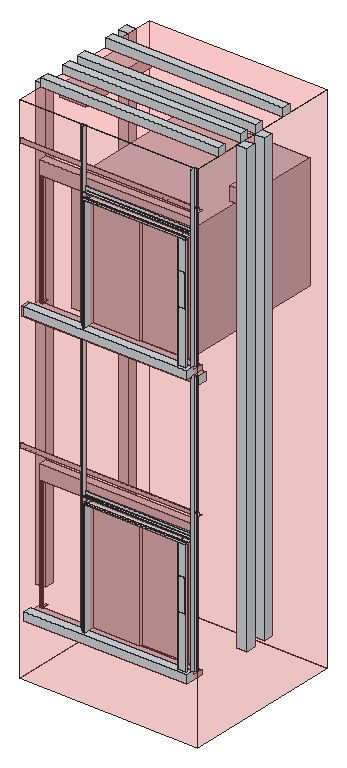
Revit family "TSF1500", category 一般モデル, Revit 2018
Family settings
  鉄筋をホスト可能 = いいえ
  丸型コネクタ寸法 = 直径を使用
  パーツ タイプ = 標準
  作業面ベース = いいえ
  常に垂直 = はい
  ロード時にボイドで切り取り = いいえ
  共有 = いいえ
  部屋計算ポイント = いいえ
Parameters
  昇降行程 = 5000 mm
Reference planes
  plane 1 "レール芯": y = 0
  plane 2 "最下階FL": z = 0
  plane 3 "かご芯": x = 0
  plane 4: z = 5000
  plane 5 "ピット底面": z = -1250
  plane 6: z = 8250
  plane 7: z = 2540
Forms (mm)
  Extrusion 1, solid
    sketch origin (-115, 140, 0) x (1, 0, 0) y (0, 1, 0)
      loop
        line (-1765, 1635) -> (-1765, -1335) -> (1485, -1335) -> (1485, 1635) -> (-1765, 1635)
    from -1250 to 8250
  Extrusion 2, solid
    sketch origin (-188.849, -187.656, 5000) x (1, 0, 0) y (0, 1, 0)
      loop
        line (-941.151, 1867.656) -> (-941.151, -767.344) -> (1318.849, -767.344) -> (1318.849, 1867.656) -> (-941.151, 1867.656)
    from 0 to 2100
  Extrusion 3, solid
    sketch origin (-435.1, 4, 0) x (1, 0, 0) y (0, 1, 0)
      loop
        line (-1189.384, 890.997) -> (-1189.384, 260.997) -> (-753.884, 260.997) -> (-753.884, 890.997) -> (-1189.384, 890.997)
    from -1250 to -252.5
  Extrusion 4, solid
    sketch origin (-180.164, -13.256, 0) x (1, 0, 0) y (0, 1, 0)
      loop
        line (1550.164, 300.756) -> (1550.164, 125.756) -> (1725.164, 125.756) -> (1725.164, 300.756) -> (1550.164, 300.756)
    from 0 to 8250
  Extrusion 5, solid
    sketch origin (-180.164, -413.256, 0) x (1, 0, 0) y (0, 1, 0)
      loop
        line (1550.164, 300.756) -> (1550.164, 125.756) -> (1725.164, 125.756) -> (1725.164, 300.756) -> (1550.164, 300.756)
    from 0 to 8250
  Extrusion 6, solid
    sketch origin (593.997, 963.69, 0) x (1, 0, 0) y (0, 1, 0)
      loop
        line (-2648.997, 493.81) -> (-2648.997, 318.81) -> (-2473.997, 318.81) -> (-2473.997, 493.81) -> (-2648.997, 493.81)
    from 0 to 8250
  Extrusion 7, solid
    sketch origin (593.997, -936.31, 0) x (1, 0, 0) y (0, 1, 0)
      loop
        line (-2648.997, 493.81) -> (-2648.997, 318.81) -> (-2473.997, 318.81) -> (-2473.997, 493.81) -> (-2648.997, 493.81)
    from 0 to 8250
  Extrusion 8, solid
    sketch origin (388.648, -559, 7950) x (1, 0, 0) y (0, 1, 0)
      loop
        line (-2211.148, 1758) -> (-2211.148, 200) -> (-1738.648, 200) -> (-1738.648, 1758) -> (-2211.148, 1758)
    from 0 to 200
  Extrusion 9, solid
    sketch origin (-239.764, 1365.017, 7235) x (1, 0, 0) y (0, 1, 0)
      loop
        line (1413.764, -985.017) -> (1413.764, -1575.017) -> (1593.764, -1575.017) -> (1593.764, -985.017) -> (1413.764, -985.017)
    from 0 to 250
  Extrusion 10, solid
    sketch origin (0, -154.792, -183.066) x (0, 1, 0) y (0, 0, 1)
      loop
        line (279.792, 8583.066) -> (279.792, 8433.066) -> (429.792, 8433.066) -> (429.792, 8583.066) -> (279.792, 8583.066)
    from -1880 to 1370
  Extrusion 11, solid
    sketch origin (0, -494.792, -183.066) x (0, 1, 0) y (0, 0, 1)
      loop
        line (279.792, 8583.066) -> (279.792, 8433.066) -> (429.792, 8433.066) -> (429.792, 8583.066) -> (279.792, 8583.066)
    from -1880 to 1370
  Extrusion 12, solid
    sketch origin (0, -994.792, -183.066) x (0, 1, 0) y (0, 0, 1)
      loop
        line (279.792, 8583.066) -> (279.792, 8433.066) -> (429.792, 8433.066) -> (429.792, 8583.066) -> (279.792, 8583.066)
    from -1880 to 1370
  Extrusion 13, solid
    sketch origin (0, 485.208, -183.066) x (0, 1, 0) y (0, 0, 1)
      loop
        line (279.792, 8583.066) -> (279.792, 8433.066) -> (429.792, 8433.066) -> (429.792, 8583.066) -> (279.792, 8583.066)
    from -1880 to 1370
  Extrusion 14, solid
    sketch origin (0, -337.235, 116.596) x (0, 1, 0) y (0, 0, 1)
      loop
        line (-827.765, 4733.404) -> (-827.765, 4583.404) -> (-677.765, 4583.404) -> (-677.765, 4733.404) -> (-827.765, 4733.404)
    from -1880 to 1370
  Extrusion 15, solid
    sketch origin (27.352, -14.415, 0) x (1, 0, 0) y (0, 1, 0)
      loop
        arc (-734.852, -1180.585) -> (-728.842, -1183.075) -> (-726.352, -1189.085) r 8.5
        line (-726.352, -1189.085) -> (-726.352, -1240.585)
        arc (-726.352, -1240.585) -> (-724.595, -1244.828) -> (-720.352, -1246.585) r 6
        line (-720.352, -1246.585) -> (-717.352, -1246.585) -> (-717.352, -1171.585) -> (-792.352, -1171.585) -> (-792.352, -1174.585)
        arc (-792.352, -1174.585) -> (-790.595, -1178.828) -> (-786.352, -1180.585) r 6
        line (-786.352, -1180.585) -> (-734.852, -1180.585)
    from 0 to 4850
  Extrusion 16, solid
    sketch origin (572.648, -14.415, 5000) x (-1, 0, 0) y (0, -1, 0)
      loop
        arc (-786.352, 1180.585) -> (-790.595, 1178.828) -> (-792.352, 1174.585) r 6
        line (-792.352, 1174.585) -> (-792.352, 1171.585) -> (-717.352, 1171.585) -> (-717.352, 1246.585) -> (-720.352, 1246.585)
        arc (-720.352, 1246.585) -> (-724.595, 1244.828) -> (-726.352, 1240.585) r 6
        line (-726.352, 1240.585) -> (-726.352, 1189.085)
        arc (-726.352, 1189.085) -> (-728.842, 1183.075) -> (-734.852, 1180.585) r 8.5
        line (-734.852, 1180.585) -> (-786.352, 1180.585)
    from 0 to 3250
  Extrusion 17, solid
    sketch origin (27.352, -14.415, 5000) x (1, 0, 0) y (0, 1, 0)
      loop
        arc (-734.852, -1180.585) -> (-728.842, -1183.075) -> (-726.352, -1189.085) r 8.5
        line (-726.352, -1189.085) -> (-726.352, -1240.585)
        arc (-726.352, -1240.585) -> (-724.595, -1244.828) -> (-720.352, -1246.585) r 6
        line (-720.352, -1246.585) -> (-717.352, -1246.585) -> (-717.352, -1171.585) -> (-792.352, -1171.585) -> (-792.352, -1174.585)
        arc (-792.352, -1174.585) -> (-790.595, -1178.828) -> (-786.352, -1180.585) r 6
        line (-786.352, -1180.585) -> (-734.852, -1180.585)
    from 0 to 3250
  Extrusion 18, solid
    sketch origin (0, -3361.272, 935.614) x (0, 0, -1) y (0, 1, 0)
      loop
        arc (-1319.386, 2172.272) -> (-1317.628, 2168.029) -> (-1313.386, 2166.272) r 6
        line (-1313.386, 2166.272) -> (-1261.886, 2166.272)
        arc (-1261.886, 2166.272) -> (-1255.875, 2163.782) -> (-1253.386, 2157.772) r 8.5
        line (-1253.386, 2157.772) -> (-1253.386, 2106.272)
        arc (-1253.386, 2106.272) -> (-1251.628, 2102.029) -> (-1247.386, 2100.272) r 6
        line (-1247.386, 2100.272) -> (-1244.386, 2100.272) -> (-1244.386, 2175.272) -> (-1319.386, 2175.272) -> (-1319.386, 2172.272)
    from -690 to 1290
  Extrusion 19, solid
    sketch origin (0, -3361.272, 5935.614) x (0, 0, -1) y (0, 1, 0)
      loop
        line (-1244.386, 2100.272) -> (-1244.386, 2175.272) -> (-1319.386, 2175.272) -> (-1319.386, 2172.272)
        arc (-1319.386, 2172.272) -> (-1317.628, 2168.029) -> (-1313.386, 2166.272) r 6
        line (-1313.386, 2166.272) -> (-1261.886, 2166.272)
        arc (-1261.886, 2166.272) -> (-1255.875, 2163.782) -> (-1253.386, 2157.772) r 8.5
        line (-1253.386, 2157.772) -> (-1253.386, 2106.272)
        arc (-1253.386, 2106.272) -> (-1251.628, 2102.029) -> (-1247.386, 2100.272) r 6
        line (-1247.386, 2100.272) -> (-1244.386, 2100.272)
    from -690 to 1290
  Extrusion 20, solid
    sketch origin (0, 983.272, 6295.614) x (0, 0, -1) y (0, 1, 0)
      loop
        line (-1244.386, -2094.272) -> (-1247.386, -2094.272)
        arc (-1247.386, -2094.272) -> (-1251.628, -2096.029) -> (-1253.386, -2100.272) r 6
        line (-1253.386, -2100.272) -> (-1253.386, -2151.772)
        arc (-1253.386, -2151.772) -> (-1255.875, -2157.782) -> (-1261.886, -2160.272) r 8.5
        line (-1261.886, -2160.272) -> (-1313.386, -2160.272)
        arc (-1313.386, -2160.272) -> (-1317.628, -2162.029) -> (-1319.386, -2166.272) r 6
        line (-1319.386, -2166.272) -> (-1319.386, -2169.272) -> (-1244.386, -2169.272) -> (-1244.386, -2094.272)
    from -1880 to 1370
  Extrusion 21, solid
    sketch origin (572.648, -14.415, 0) x (-1, 0, 0) y (0, -1, 0)
      loop
        line (-734.852, 1180.585) -> (-786.352, 1180.585)
        arc (-786.352, 1180.585) -> (-790.595, 1178.828) -> (-792.352, 1174.585) r 6
        line (-792.352, 1174.585) -> (-792.352, 1171.585) -> (-717.352, 1171.585) -> (-717.352, 1246.585) -> (-720.352, 1246.585)
        arc (-720.352, 1246.585) -> (-724.595, 1244.828) -> (-726.352, 1240.585) r 6
        line (-726.352, 1240.585) -> (-726.352, 1189.085)
        arc (-726.352, 1189.085) -> (-728.842, 1183.075) -> (-734.852, 1180.585) r 8.5
    from 0 to 4850
  Extrusion 22, solid
    sketch origin (0, 0, 0) x (0, 1, 0) y (0, 0, 1)
      loop
        line (-1177, 2557.5) -> (-1177, 2609)
        arc (-1177, 2609) -> (-1178.757, 2613.243) -> (-1183, 2615) r 6
        line (-1183, 2615) -> (-1186, 2615) -> (-1186, 2540) -> (-1111, 2540) -> (-1111, 2543)
        arc (-1111, 2543) -> (-1112.757, 2547.243) -> (-1117, 2549) r 6
        line (-1117, 2549) -> (-1168.5, 2549)
        arc (-1168.5, 2549) -> (-1174.51, 2551.49) -> (-1177, 2557.5) r 8.5
    from -1880 to 1370
Dimensions and locks
  "昇降行程": plane 4 to plane 2 "最下階FL"
  locked: plane 6 to plane 4 at 3250
  locked: Extrusion 2 to plane 4 at 2100
  locked: plane 6 to Extrusion 8 at 100
  locked: Extrusion 8 to Extrusion 8 at 200
  locked: Extrusion 2 to Extrusion 9 at 135
  locked: Extrusion 9 to Extrusion 9 at 250
  locked: plane 4 to Extrusion 21 at 150
  locked: Extrusion 18 to plane 2 "最下階FL" at 2180
  locked: Extrusion 19 to plane 4 at 2180
  locked: Extrusion 19 to Extrusion 20 at 360
  aligned and locked: level to plane 2 "最下階FL"
  aligned and locked: Extrusion 1 to plane 5 "ピット底面"
  aligned and locked: Extrusion 2 to plane 4
  aligned and locked: Extrusion 1 to Extrusion 3
  aligned and locked: Extrusion 5 to plane 2 "最下階FL"
  aligned and locked: Extrusion 4 to plane 2 "最下階FL"
  aligned and locked: Extrusion 1 to Extrusion 5
  aligned and locked: Extrusion 1 to Extrusion 4
  aligned and locked: Extrusion 6 to Extrusion 1
  aligned and locked: Extrusion 7 to Extrusion 1
  aligned and locked: Extrusion 4 to Extrusion 1
  aligned and locked: Extrusion 5 to Extrusion 1
  aligned and locked: Extrusion 6 to plane 2 "最下階FL"
  aligned and locked: Extrusion 7 to plane 2 "最下階FL"
  aligned and locked: Extrusion 1 to Extrusion 6
  aligned and locked: Extrusion 1 to Extrusion 7
  aligned and locked: plane 2 "最下階FL" to nested 1
  aligned and locked: plane 4 to nested 2
  aligned and locked: nested 1 to nested 2
  aligned and locked: Extrusion 10 to Extrusion 1
  aligned and locked: Extrusion 1 to Extrusion 10  (x2)
  aligned and locked: Extrusion 1 to Extrusion 12  (x2)
  aligned and locked: Extrusion 1 to Extrusion 13  (x2)
  aligned and locked: Extrusion 12 to Extrusion 1
  aligned and locked: Extrusion 11 to Extrusion 1
  aligned and locked: Extrusion 13 to Extrusion 1
  aligned and locked: Extrusion 1 to Extrusion 14  (x2)
  aligned and locked: Extrusion 1 to Extrusion 11  (x2)
  aligned and locked: Extrusion 16 to Extrusion 17
  aligned and locked: Extrusion 17 to plane 4
  aligned and locked: Extrusion 16 to plane 4
  aligned and locked: plane 6 to Extrusion 1
  aligned and locked: plane 6 to Extrusion 16
  aligned and locked: plane 6 to Extrusion 17
  aligned and locked: Extrusion 21 to Extrusion 15
Automatic sketch dimensions
  Extrusion 1 sketch curve to plane 3 "かご芯" = 1880 mm
  plane 3 "かご芯" to Extrusion 1 sketch curve = 1370 mm
  plane 1 "レール芯" to Extrusion 1 sketch curve = 1195 mm
  Extrusion 1 sketch curve to plane 1 "レール芯" = 1775 mm
  Extrusion 2 sketch curve to plane 3 "かご芯" = 1130 mm
  plane 3 "かご芯" to Extrusion 2 sketch curve = 1130 mm
  plane 1 "レール芯" to Extrusion 2 sketch curve = 955 mm
  Extrusion 2 sketch curve to plane 1 "レール芯" = 1680 mm
  Extrusion 3 sketch curve to plane 1 "レール芯" = 264.997 mm
  Extrusion 3 sketch curve to plane 3 "かご芯" = 1624.484 mm
  Extrusion 3 sketch curve to Extrusion 3 sketch curve = 435.5 mm
  Extrusion 3 sketch curve to Extrusion 3 sketch curve = 630 mm
  Extrusion 4 sketch curve to plane 1 "レール芯" = 112.5 mm
  plane 3 "かご芯" to Extrusion 4 sketch curve = 1370 mm
  Extrusion 4 sketch curve to Extrusion 4 sketch curve = 175 mm  (x2)
  plane 1 "レール芯" to Extrusion 5 sketch curve = 287.5 mm
  plane 3 "かご芯" to Extrusion 5 sketch curve = 1370 mm
  Extrusion 5 sketch curve to Extrusion 5 sketch curve = 175 mm
  plane 1 "レール芯" to Extrusion 5 sketch curve = 112.5 mm
  Extrusion 6 sketch curve to plane 3 "かご芯" = 2055 mm
  Extrusion 6 sketch curve to Extrusion 6 sketch curve = 175 mm  (x2)
  Extrusion 6 sketch curve to plane 1 "レール芯" = 1282.5 mm
  plane 1 "レール芯" to Extrusion 7 sketch curve = 617.5 mm
  Extrusion 7 sketch curve to plane 3 "かご芯" = 2055 mm
  Extrusion 7 sketch curve to Extrusion 7 sketch curve = 175 mm  (x2)
  plane 1 "レール芯" to Extrusion 8 sketch curve = 359 mm
  Extrusion 8 sketch curve to plane 3 "かご芯" = 1822.5 mm
  Extrusion 8 sketch curve to Extrusion 8 sketch curve = 472.5 mm
  Extrusion 8 sketch curve to plane 1 "レール芯" = 1199 mm
  plane 1 "レール芯" to Extrusion 9 sketch curve = 210 mm
  plane 3 "かご芯" to Extrusion 9 sketch curve = 1174 mm
  Extrusion 9 sketch curve to Extrusion 9 sketch curve = 180 mm
  Extrusion 9 sketch curve to plane 1 "レール芯" = 380 mm
  Extrusion 10 sketch curve to plane 6 = 0 mm
  Extrusion 10 sketch curve to plane 1 "レール芯" = 125 mm
  Extrusion 10 sketch curve to Extrusion 10 sketch curve = 150 mm  (x2)
  Extrusion 11 sketch curve to plane 6 = 0 mm
  plane 1 "レール芯" to Extrusion 11 sketch curve = 215 mm
  plane 1 "レール芯" to Extrusion 11 sketch curve = 65 mm
  Extrusion 11 sketch curve to Extrusion 11 sketch curve = 150 mm
  Extrusion 12 sketch curve to plane 6 = 0 mm
  plane 1 "レール芯" to Extrusion 12 sketch curve = 715 mm
  Extrusion 12 sketch curve to Extrusion 12 sketch curve = 150 mm  (x2)
  Extrusion 13 sketch curve to plane 6 = 0 mm
  Extrusion 13 sketch curve to plane 1 "レール芯" = 765 mm
  Extrusion 13 sketch curve to Extrusion 13 sketch curve = 150 mm  (x2)
  Extrusion 14 sketch curve to plane 4 = 300 mm
  plane 1 "レール芯" to Extrusion 14 sketch curve = 1165 mm
  Extrusion 14 sketch curve to Extrusion 14 sketch curve = 150 mm  (x2)
  Extrusion 16 sketch curve to plane 3 "かご芯" = 1365 mm
  Extrusion 16 sketch curve to Extrusion 16 sketch curve = 6 mm  (x2)
  Extrusion 16 sketch curve to Extrusion 16 sketch curve = 51.5 mm  (x2)
  Extrusion 16 sketch curve to Extrusion 16 sketch curve = 8.5 mm
  Extrusion 16 sketch curve to Extrusion 16 sketch curve = 3 mm  (x2)
  Extrusion 16 sketch curve to plane 1 "レール芯" = 1261 mm
  Extrusion 21 sketch curve to plane 3 "かご芯" = 1365 mm
  Extrusion 21 sketch curve to Extrusion 21 sketch curve = 6 mm  (x2)
  Extrusion 21 sketch curve to Extrusion 21 sketch curve = 51.5 mm  (x2)
  Extrusion 21 sketch curve to Extrusion 21 sketch curve = 8.5 mm
  Extrusion 21 sketch curve to Extrusion 21 sketch curve = 9 mm
  Extrusion 21 sketch curve to plane 1 "レール芯" = 1261 mm
  Extrusion 21 sketch curve to Extrusion 21 sketch curve = 3 mm
  Extrusion 17 sketch curve to plane 3 "かご芯" = 765 mm
  Extrusion 17 sketch curve to Extrusion 17 sketch curve = 6 mm  (x2)
  Extrusion 17 sketch curve to Extrusion 17 sketch curve = 51.5 mm  (x2)
  Extrusion 17 sketch curve to Extrusion 17 sketch curve = 8.5 mm
  Extrusion 17 sketch curve to Extrusion 17 sketch curve = 9 mm
  plane 1 "レール芯" to Extrusion 17 sketch curve = 1261 mm
  Extrusion 17 sketch curve to Extrusion 17 sketch curve = 3 mm
  Extrusion 15 sketch curve to plane 3 "かご芯" = 765 mm
  Extrusion 15 sketch curve to Extrusion 15 sketch curve = 6 mm  (x2)
  Extrusion 15 sketch curve to Extrusion 15 sketch curve = 51.5 mm  (x2)
  Extrusion 15 sketch curve to Extrusion 15 sketch curve = 8.5 mm
  Extrusion 15 sketch curve to Extrusion 15 sketch curve = 9 mm
  plane 1 "レール芯" to Extrusion 15 sketch curve = 1261 mm
  Extrusion 15 sketch curve to Extrusion 15 sketch curve = 17.5 mm
  Extrusion 18 sketch curve to Extrusion 18 sketch curve = 6 mm  (x2)
  Extrusion 18 sketch curve to Extrusion 18 sketch curve = 51.5 mm  (x2)
  Extrusion 18 sketch curve to Extrusion 18 sketch curve = 8.5 mm
  Extrusion 18 sketch curve to Extrusion 18 sketch curve = 9 mm
  plane 1 "レール芯" to Extrusion 18 sketch curve = 1261 mm
  Extrusion 18 sketch curve to Extrusion 18 sketch curve = 3 mm
  Extrusion 19 sketch curve to plane 6 = 995 mm
  Extrusion 19 sketch curve to Extrusion 19 sketch curve = 6 mm  (x2)
  Extrusion 19 sketch curve to Extrusion 19 sketch curve = 51.5 mm  (x2)
  Extrusion 19 sketch curve to Extrusion 19 sketch curve = 8.5 mm
  Extrusion 19 sketch curve to Extrusion 19 sketch curve = 9 mm
  plane 1 "レール芯" to Extrusion 19 sketch curve = 1261 mm
  Extrusion 19 sketch curve to Extrusion 19 sketch curve = 17.5 mm
  plane 6 to Extrusion 20 sketch curve = 635 mm
  Extrusion 20 sketch curve to Extrusion 20 sketch curve = 6 mm  (x2)
  Extrusion 20 sketch curve to Extrusion 20 sketch curve = 51.5 mm  (x2)
  Extrusion 20 sketch curve to Extrusion 20 sketch curve = 8.5 mm
  Extrusion 20 sketch curve to Extrusion 20 sketch curve = 9 mm
  Extrusion 20 sketch curve to plane 1 "レール芯" = 1111 mm
  Extrusion 20 sketch curve to Extrusion 20 sketch curve = 17.5 mm
  level to Extrusion 18 sketch curve = 2255 mm
  Extrusion 22 sketch curve to plane 7 = 0 mm
  plane 1 "レール芯" to Extrusion 22 sketch curve = 1186 mm
  Extrusion 22 sketch curve to Extrusion 22 sketch curve = 3 mm
  Extrusion 22 sketch curve to Extrusion 22 sketch curve = 6 mm  (x2)
  Extrusion 22 sketch curve to Extrusion 22 sketch curve = 8.5 mm
  plane 7 to Extrusion 22 sketch curve = 3 mm
  Extrusion 22 sketch curve to Extrusion 22 sketch curve = 51.5 mm  (x2)
Nested families
  nested 1: "2S" at (100, -985, 0), type "2S(詳細レベル)"
    with 戸袋 965 mm, 出入口幅 1700 mm
  nested 2: "2S" at (100, -985, 5000), type "2S(詳細レベル)"
    with 戸袋 965 mm, 出入口幅 1700 mm
Definition of nested family "2S"
  Parameters (values of type "2S(詳細レベル)")
    戸袋 = 635 mm
    出入口高さ = 2100 mm
    出入口幅 = 1100 mm
  Types (2, lengths in mm): name | 戸袋 | 出入口幅
    2S(詳細レベル) | 635 | 1100
    2S 背面(詳細レベル) | 785 | 1700
  Reference planes
    plane 1 "敷居先端": y = 0
    plane 2 "FL": z = 0
    plane 3: x = 140
    plane 4 "出入口中心": x = 140
    plane 5 "出入口高さ": z = 2100
    plane 6: z = 2320
    plane 7: y = -145.5
    plane 8 "出入口幅右": x = 690
    plane 9 "出入口幅左": x = -410
    plane 10 "戸袋": x = -1045
    plane 11: x = 810
    plane 12: y = -76.6
    plane 13: z = 2173
    plane 14: z = -60
    plane 15: z = -150
    plane 16: x = 710
    plane 17: x = -490
    plane 18: x = 890
  Forms (mm)
    Extrusion 1, solid
      sketch origin (140, 0, 0) x (0, 1, 0) y (0, 0, 1)
        loop
          line (-102, 2116) -> (-134, 2116) -> (-134, 6) -> (-102, 6) -> (-102, 2116)
      from -570 to 15
    Extrusion 2, solid
      sketch origin (705, 38, 0) x (0, 1, 0) y (0, 0, 1)
        loop
          line (-102, 2116) -> (-134, 2116) -> (-134, 6) -> (-102, 6) -> (-102, 2116)
      from -580 to 5
    Extrusion 3, solid
      sketch origin (140, 0, -16) x (0, 1, 0) y (0, 0, 1)
        loop
          line (-145.5, 2366) -> (-145.5, 2116) -> (0, 2116) -> (0, 2366) -> (-145.5, 2366)
      from -1185 to 670
    Extrusion 4, solid
      sketch origin (0, 0, 130) x (1, 0, 0) y (0, 1, 0)
        loop
          circle (810, -76.6) r 35
      from 0 to 1800
    Extrusion 5, solid
      sketch origin (0, 0, 0) x (1, 0, 0) y (0, 1, 0)
        loop
          line (-440, -140) -> (-440, -141.6) -> (-411.6, -141.6) -> (-411.6, -318.4) -> (-438.4, -318.4) -> (-438.4, -290) -> (-440, -290) -> (-440, -320) -> (-410, -320) -> (-410, -140) -> (-440, -140)
      from 0 to 2100
    Extrusion 6, solid
      sketch origin (0, 0, 0) x (1, 0, 0) y (0, 1, 0)
        loop
          line (770, -30) -> (770, 0) -> (720, 0) -> (720, -102) -> (690, -102) -> (690, -320) -> (840, -320) -> (840, -290) -> (838.4, -290) -> (838.4, -318.4) -> (691.6, -318.4) -> (691.6, -103.6) -> (721.6, -103.6) -> (721.6, -1.6) -> (768.4, -1.6) -> (768.4, -30) -> (770, -30)
      from 0 to 2100
    Extrusion 7, solid
      sketch origin (140, 0, 0) x (0, 1, 0) y (0, 0, 1)
        loop
          line (-295, 2130) -> (-325, 2130) -> (-325, 2100) -> (-140, 2100) -> (-140, 2101.6) -> (-323.4, 2101.6) -> (-323.4, 2128.4) -> (-295, 2128.4) -> (-295, 2130)
      from -580 to 700
    Extrusion 8, solid
      sketch origin (140, 0, 1400) x (0, 1, 0) y (0, 0, 1)
        loop
          line (-64, -1394) -> (-0.972, -1394) -> (-0.972, 586) -> (-64, 586) -> (-64, -1394)
      from 545 to 570
    Extrusion 9, solid
      sketch origin (0, 0, 0) x (1, 0, 0) y (0, 1, 0)
        loop
          arc (-1032.5, -132.5) -> (-1037.096, -130.596) -> (-1039, -126) r 6.5
          line (-1039, -126) -> (-1039, -93)
          arc (-1039, -93) -> (-1040.318, -89.818) -> (-1043.5, -88.5) r 4.5
          line (-1043.5, -88.5) -> (-1045, -88.5) -> (-1045, -138.5) -> (-995, -138.5) -> (-995, -137)
          arc (-995, -137) -> (-996.318, -133.818) -> (-999.5, -132.5) r 4.5
          line (-999.5, -132.5) -> (-1032.5, -132.5)
      from 3 to 2100
    Extrusion 10, solid
      sketch origin (-1.904, 52.096, 0) x (1, 0, 0) y (0, 1, 0)
        loop
          line (-1037.096, -190.596) -> (-999.096, -190.596) -> (-999.096, -65.596) -> (-1037.096, -65.596) -> (-1037.096, -190.596)
      from 0 to 3
    Extrusion 11, solid
      sketch origin (140, 6.458, 0) x (0, 1, 0) y (0, 0, 1)
        loop
          line (-386.458, 0) -> (-386.458, -150) -> (-36.458, -150) -> (-36.458, 0) -> (-386.458, 0)
      from -1287.782 to 758.966
    Extrusion 12, void
      sketch origin (0, 0, 0) x (0, 1, 0) y (0, 0, 1)
        loop
          line (-230, 0) -> (-230, -60) -> (-30, -60) -> (-30, 0) -> (-230, 0)
      from -1147.782 to 898.966
    Extrusion 13, solid, detail levels coarse+medium
      sketch origin (0, 0, -20.5) x (1, 0, 0) y (0, 1, 0)
        loop
          line (-1045, 0) -> (-1045, -150) -> (710, -150) -> (710, 0) -> (-1045, 0)
      from 0 to 20.5
    Extrusion 14, solid
      sketch origin (10, 17, 962.5) x (1, 0, 0) y (0, 1, 0)
        loop
          line (690, -337) -> (690, -340) -> (820, -340) -> (820, -337) -> (690, -337)
      from 0 to 590
  Cuts and joins
    Extrusion 12 cuts Extrusion 11
  Lines and regions (mm)
    symbolic lines
      curve 1: line (140, -320, 2100) -> (140, -320, 0)
      curve 2: line (140, 0, 0) -> (140, -180, 0)
      curve 3: line (140, -140, 2100) -> (140, -140, 0)
      curve 4: line (-440, -320, 0) -> (-440, -290, 0)
      curve 5: line (-410, -320, 0) -> (-440, -320, 0)
      curve 6: line (-410, -140, 0) -> (-410, -320, 0)
      curve 7: line (-440, -140, 0) -> (-410, -140, 0)
      curve 14: line (770, 0, 0) -> (770, -30, 0)
      curve 15: line (720, 0, 0) -> (770, 0, 0)
      curve 16: line (720, -102, 0) -> (720, 0, 0)
      curve 17: line (690, -102, 0) -> (720, -102, 0)
      curve 18: line (690, -320, 0) -> (690, -102, 0)
      curve 19: line (840, -320, 0) -> (690, -320, 0)
      curve 20: line (840, -290, 0) -> (840, -320, 0)
      curve 29: line (140, -295, 2130) -> (140, -325, 2130)
      curve 30: line (140, -325, 2130) -> (140, -325, 2100)
      curve 31: line (140, -325, 2100) -> (140, -140, 2100)
      curve 37: line (140, -320, 0) -> (140, -140, 0)
    symbolic lines, detail levels coarse+fine
      curve 8: line (-438.4, -290, 0) -> (-440, -290, 0)
      curve 9: line (-438.4, -318.4, 0) -> (-438.4, -290, 0)
      curve 10: line (-411.6, -318.4, 0) -> (-438.4, -318.4, 0)
      curve 11: line (-411.6, -141.6, 0) -> (-411.6, -318.4, 0)
      curve 12: line (-440, -141.6, 0) -> (-411.6, -141.6, 0)
      curve 13: line (-440, -140, 0) -> (-440, -141.6, 0)
      curve 21: line (768.4, -30, 0) -> (770, -30, 0)
      curve 22: line (768.4, -1.6, 0) -> (768.4, -30, 0)
      curve 23: line (721.6, -1.6, 0) -> (768.4, -1.6, 0)
      curve 24: line (721.6, -103.6, 0) -> (721.6, -1.6, 0)
      curve 25: line (691.6, -318.4, 0) -> (691.6, -103.6, 0)
      curve 26: line (838.4, -318.4, 0) -> (691.6, -318.4, 0)
      curve 27: line (838.4, -290, 0) -> (838.4, -318.4, 0)
      curve 28: line (840, -290, 0) -> (838.4, -290, 0)
      curve 32: line (140, -295, 2130) -> (140, -295, 2128.4)
      curve 33: line (140, -295, 2128.4) -> (140, -323.4, 2128.4)
      curve 34: line (140, -323.4, 2128.4) -> (140, -323.4, 2101.6)
      curve 35: line (140, -323.4, 2101.6) -> (140, -140, 2101.6)
      curve 36: line (140, -140, 2101.6) -> (140, -140, 2100)
      curve 38: line (691.6, -103.6, 0) -> (721.6, -103.6, 0)
  Dimensions and locks
    "出入口高さ": plane 5 "出入口高さ" to level
    "出入口幅": plane 8 "出入口幅右" to plane 9 "出入口幅左"
    level to plane 14 = 60 mm
    equal spacing: plane 8 "出入口幅右", plane 4 "出入口中心", plane 9 "出入口幅左"
    locked: plane 8 "出入口幅右" to Extrusion 6 at 150
    "戸袋": plane 10 "戸袋" to plane 9 "出入口幅左"
    locked: plane 11 to plane 8 "出入口幅右" at 120
    locked: plane 8 "出入口幅右" to plane 16 at 20
    locked: Extrusion 1 to plane 9 "出入口幅左" at 20
    locked: cut or joined group of Extrusion 11, Extrusion 12 to plane 10 "戸袋" at 102.782
    locked: plane 8 "出入口幅右" to cut or joined group of Extrusion 11, Extrusion 12 at 208.966
    locked: Extrusion 7 to plane 9 "出入口幅左" at 30
    locked: Extrusion 3 to plane 5 "出入口高さ" at 250
    locked: Extrusion 8 to Extrusion 8 at 25
    locked: plane 17 to plane 9 "出入口幅左" at 80
    locked: plane 8 "出入口幅右" to plane 18 at 200
    aligned and locked: level to plane 2 "FL"
    aligned and locked: Extrusion 7 to plane 5 "出入口高さ"
    aligned and locked: plane 5 "出入口高さ" to Extrusion 6
    aligned and locked: Extrusion 3 to plane 5 "出入口高さ"  (x2)
    aligned and locked: plane 5 "出入口高さ" to Extrusion 5
    aligned and locked: plane 5 "出入口高さ" to Extrusion 9
    aligned and locked: Extrusion 3 to plane 10 "戸袋"
    aligned and locked: Extrusion 6 to Extrusion 7
    aligned and locked: plane 11 to Extrusion 3
    aligned and locked: Extrusion 8 to plane 16
    aligned and locked: Extrusion 2 to plane 16
    aligned and locked: cut or joined group of Extrusion 11, Extrusion 12 to cut or joined group of Extrusion 11, Extrusion 12
    aligned and locked: Extrusion 12 to Extrusion 11
    aligned and locked: Extrusion 11 to Extrusion 12
  Automatic sketch dimensions
    plane 12 to Extrusion 8 sketch curve = 12.6 mm
    plane 1 "敷居先端" to Extrusion 8 sketch curve = 0.972 mm
    level to Extrusion 8 sketch curve = 6 mm
    Extrusion 8 sketch curve to Extrusion 8 sketch curve = 1980 mm
    Extrusion 12 sketch curve to plane 14 = 0 mm
    Extrusion 12 sketch curve to level = 0 mm
    level to Extrusion 1 sketch curve = 6 mm
    Extrusion 1 sketch curve to plane 12 = 25.4 mm
    plane 5 "出入口高さ" to Extrusion 1 sketch curve = 16 mm
    Extrusion 2 sketch curve to plane 12 = 19.4 mm
    level to Extrusion 2 sketch curve = 6 mm
    plane 12 to Extrusion 2 sketch curve = 12.6 mm
    plane 5 "出入口高さ" to Extrusion 2 sketch curve = 16 mm
    Extrusion 3 sketch curve to plane 5 "出入口高さ" = 0 mm
    Extrusion 3 sketch curve to plane 7 = 0 mm
    Extrusion 3 sketch curve to plane 1 "敷居先端" = 0 mm
    plane 6 to Extrusion 3 sketch curve = 30 mm
    Extrusion 4 sketch curve to plane 11 = 0 mm
    Extrusion 4 sketch curve to plane 12 = 0 mm
    Extrusion 5 sketch curve to plane 9 "出入口幅左" = 0 mm
    Extrusion 5 sketch curve to plane 9 "出入口幅左" = 1.6 mm
    Extrusion 5 sketch curve to Extrusion 5 sketch curve = 26.8 mm
    Extrusion 5 sketch curve to Extrusion 5 sketch curve = 1.6 mm  (x3)
    Extrusion 5 sketch curve to Extrusion 5 sketch curve = 28.4 mm  (x2)
    Extrusion 6 sketch curve to plane 8 "出入口幅右" = 0 mm
    plane 1 "敷居先端" to Extrusion 6 sketch curve = 0 mm
    plane 8 "出入口幅右" to Extrusion 6 sketch curve = 1.6 mm
    Extrusion 6 sketch curve to plane 16 = 10 mm
    Extrusion 6 sketch curve to Extrusion 6 sketch curve = 1.6 mm  (x5)
    plane 1 "敷居先端" to Extrusion 6 sketch curve = 1.6 mm
    Extrusion 6 sketch curve to plane 11 = 41.6 mm
    plane 11 to Extrusion 6 sketch curve = 28.4 mm
    Extrusion 6 sketch curve to plane 12 = 27 mm
    Extrusion 7 sketch curve to plane 5 "出入口高さ" = 0 mm
    Extrusion 7 sketch curve to Extrusion 7 sketch curve = 1.6 mm  (x3)
    Extrusion 7 sketch curve to Extrusion 7 sketch curve = 26.8 mm
    Extrusion 9 sketch curve to plane 10 "戸袋" = 0 mm
    plane 10 "戸袋" to Extrusion 9 sketch curve = 1.5 mm
    plane 10 "戸袋" to Extrusion 9 sketch curve = 6 mm
    Extrusion 9 sketch curve to Extrusion 9 sketch curve = 6.5 mm
    Extrusion 9 sketch curve to Extrusion 9 sketch curve = 33 mm
    Extrusion 9 sketch curve to plane 12 = 16.4 mm
    plane 10 "戸袋" to Extrusion 10 sketch curve = 6 mm
    plane 1 "敷居先端" to Extrusion 10 sketch curve = 13.5 mm
    Extrusion 10 sketch curve to Extrusion 10 sketch curve = 38 mm
    Extrusion 11 sketch curve to plane 15 = 0 mm
    Extrusion 11 sketch curve to level = 0 mm
    Extrusion 13 sketch curve to plane 10 "戸袋" = 0 mm
    Extrusion 13 sketch curve to plane 16 = 0 mm
    plane 1 "敷居先端" to Extrusion 13 sketch curve = 0 mm
    Extrusion 13 sketch curve to plane 7 = 4.5 mm
    plane 8 "出入口幅右" to Extrusion 14 sketch curve = 10 mm
    plane 11 to Extrusion 14 sketch curve = 20 mm
    curve 6 to plane 9 "出入口幅左" = 0 mm
    curve 2 to plane 3 = 0 mm
    curve 17 to plane 8 "出入口幅右" = 0 mm
    plane 1 "敷居先端" to curve 15 = 0 mm
    plane 1 "敷居先端" to curve 2 = 0 mm
    curve 11 to plane 9 "出入口幅左" = 1.6 mm
    curve 10 to curve 10 = 26.8 mm
    curve 7 to curve 11 = 28.4 mm
    curve 5 to curve 9 = 1.6 mm
    plane 8 "出入口幅右" to curve 26 = 1.6 mm
    curve 15 to plane 16 = 10 mm
    curve 15 to curve 24 = 1.6 mm
    plane 1 "敷居先端" to curve 22 = 1.6 mm
    curve 22 to plane 11 = 41.6 mm
    curve 23 to curve 14 = 1.6 mm
    plane 11 to curve 26 = 28.4 mm
    curve 28 to curve 28 = 1.6 mm
    curve 13 to curve 7 = 1.6 mm
    curve 24 to plane 12 = 27 mm
    curve 25 to curve 17 = 1.6 mm
    curve 37 to level = 0 mm
    curve 1 to plane 5 "出入口高さ" = 0 mm
    curve 30 to curve 34 = 1.6 mm
    plane 5 "出入口高さ" to curve 36 = 1.6 mm
    curve 34 to curve 34 = 26.8 mm
    curve 33 to curve 29 = 1.6 mm
    plane 7 to curve 3 = 5.5 mm
    plane 7 to curve 11 = 3.9 mm
    plane 7 to Extrusion 1 sketch curve = 11.5 mm
    plane 7 to Extrusion 5 sketch curve = 3.9 mm
    plane 7 to Extrusion 7 sketch curve = 5.5 mm
    Extrusion 9 sketch curve to Extrusion 9 sketch curve = 4.5 mm
    plane 7 to Extrusion 9 sketch curve = 19.5 mm
    plane 7 to Extrusion 9 sketch curve = 7 mm
    plane 7 to Extrusion 10 sketch curve = 7 mm
    curve 2 to plane 7 = 34.5 mm
    curve 9 to curve 4 = 28.4 mm
    curve 26 to curve 27 = 28.4 mm
    Extrusion 6 sketch curve to Extrusion 6 sketch curve = 28.4 mm  (x2)
    Extrusion 12 sketch curve to plane 7 = 84.5 mm
    curve 29 to plane 7 = 149.5 mm
    curve 1 to plane 7 = 174.5 mm
    curve 34 to curve 32 = 28.4 mm
    curve 9 to plane 7 = 144.5 mm
    curve 28 to plane 7 = 144.5 mm
    curve 19 to curve 26 = 1.6 mm
    curve 6 to curve 10 = 1.6 mm
    Extrusion 5 sketch curve to plane 7 = 144.5 mm
    Extrusion 6 sketch curve to plane 7 = 144.5 mm
    Extrusion 7 sketch curve to plane 7 = 149.5 mm
    Extrusion 7 sketch curve to Extrusion 7 sketch curve = 28.4 mm
    Extrusion 11 sketch curve to plane 7 = 234.5 mm
    Extrusion 14 sketch curve to plane 7 = 177.5 mm
    Extrusion 14 sketch curve to Extrusion 14 sketch curve = 3 mm
    curve 21 to curve 22 = 28.4 mm
    plane 1 "敷居先端" to Extrusion 11 sketch curve = 30 mm
    plane 1 "敷居先端" to Extrusion 12 sketch curve = 30 mm
    radius of Extrusion 4 sketch curve = 35 mm
